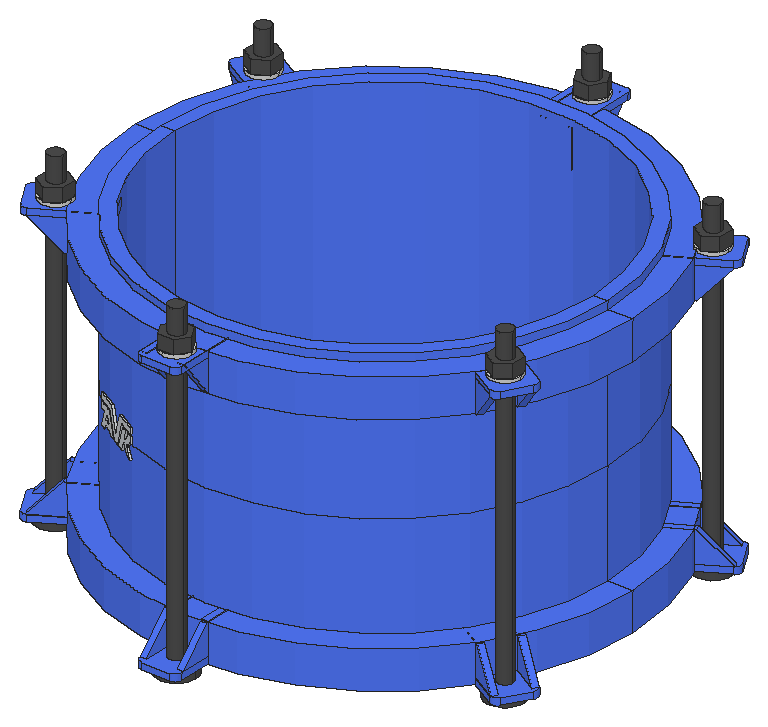
Revit family "601-A-009-DN225-300", category Pipe Accessories, Revit 2019
Family settings
  Round Connector Dimension = Use Diameter
  Part Type = Valve - Breaks Into
  Work Plane-Based = No
  Always vertical = Yes
  Cut with Voids When Loaded = No
  Shared = No
Parameters (values of type "DN300_301-327")
  W2 = (D3 / 2) - 5 mm  # 217.5 mm
  W1 = 32 mm  # constant formula
  URL_product_pages = "https://www.avkvalves.com/P.aspx?no=6013780006100"
  Search_Table = "601-A-009-DN225-300"
  PCD_Ref = PCD + 24 mm  # 429 mm
  PCD = size_lookup(Search_Table, "PCD", 0 mm, DN)  # 405 mm
  L1 = size_lookup(Search_Table, "L1", 0 mm, DN)  # 160 mm
  L = size_lookup(Search_Table, "L", 0 mm, DN)  # 256.5 mm
  ID = DN / 2  # 150 mm
  F = 5 mm  # constant formula
  Description_ = "AVK UNIVERSAL SUPA® STRAIGHT COUPLING"
  DN_ref = size_lookup(Search_Table, "DN2", 0 mm, DN) / 2  # 163.5 mm
  DN300_352-378 = "601-378-000-6100"
  DN300_324-350 = "601-350-000-6100"
  DN300_301-327 = "601-327-000-6100"
  DN250_280-306 = "601-306-000-6100"
  DN250_266-292 = "601-292-000-6100"
  DN225_242-268 = "601-268-000-6100"
  DN2 = size_lookup(Search_Table, "DN2", 0 mm, DN)  # 327 mm
  DN = 300 mm
  D3 = size_lookup(Search_Table, "D3", 0 mm, DN)  # 445 mm
  D2 = size_lookup(Search_Table, "D2", 0 mm, DN)  # 174.5 mm
  D1 = size_lookup(Search_Table, "D1", 0 mm, DN) / 2  # 194 mm
  Body_height_ref = Body_height - 12 mm  # 219 mm
  Body_height = size_lookup(Search_Table, "Body_height", 0 mm, DN)  # 231 mm
  B2 = Body_height / 2  # 115.5 mm
Types (7, lengths in mm): name | W2 | PCD_Ref | PCD | L1 | L | ID | DN_ref | DN2 | DN | D3 | D2 | D1 | Body_height_ref | Body_height | B2
  (no name) | 217.5 | 429 | 405 | 160 | 256.5 | 150 | 163.5 | 327 | 300 | 445 | 174.5 | 194 | 219 | 231 | 115.5
  DN225_242-268 | 188 | 374 | 350 | 140 | 236.5 | 112.5 | 134 | 268 | 225 | 386 | 149.5 | 164.5 | 199 | 211 | 105.5
  DN250_266-292 | 200.5 | 398 | 374 | 160 | 256.5 | 125 | 146 | 292 | 250 | 411 | 160 | 178 | 219 | 231 | 115.5
  DN250_280-306 | 207.5 | 412 | 388 | 160 | 256.5 | 125.05 | 153 | 306 | 250.1 | 425 | 164 | 184 | 219 | 231 | 115.5
  DN300_301-327 | 217.5 | 429 | 405 | 160 | 256.5 | 150 | 163.5 | 327 | 300 | 445 | 174.5 | 194 | 219 | 231 | 115.5
  DN300_324-350 | 229.5 | 452 | 428 | 160 | 256.5 | 150.05 | 175 | 350 | 300.1 | 469 | 186.5 | 205 | 219 | 231 | 115.5
  DN300_352-378 | 229.5 | 452 | 428 | 160 | 276.5 | 150.1 | 189 | 378 | 300.2 | 469 | 195 | 205 | 219 | 231 | 115.5
Reference planes
  plane 1 "Center (Front/Back)": y = 0
  plane 2: z = 0
  plane 3 "Center (Left/Right)": x = 0
  plane 4: y = 222.5
  plane 5: x = -16
  plane 6: x = 16
  plane 7: x = -16
  plane 8: y = -222.5
  plane 9: x = 16
  plane 10: x = -11
  plane 11: y = 217.5
  plane 12: x = 11
  plane 13: y = 217.5
  plane 14: y = -217.5
  plane 15: x = 11
  plane 16: x = -11
  plane 17: y = -217.5
  plane 18: y = -16
  plane 19: y = 16
  plane 20: x = 16
  plane 21: x = -16
  plane 22: x = 202.5
  plane 23: x = -202.5
  plane 24: y = 202.5
  plane 25: y = -202.5
  plane 26: z = 109.5
  plane 27: z = -109.5
  plane 28: z = -115.5
  plane 29: z = 141
  plane 30: z = 98.5
  plane 31: through (0, 0, 1200) normal (-0.5, -0.866, 0)
  plane 32: through (-209.168, 82.71, 1200) normal (-0.866, 0.5, 0)
  plane 33: through (-110.635, 45.4, 1200) normal (0.5, 0.866, 0)
  plane 34: through (-94.635, 73.113, 1200) normal (0.5, 0.866, 0)
  plane 35: through (3.052, -20.237, 1200) normal (0.5, 0.866, 0)
  plane 36: through (174.725, -142.368, 1200) normal (-0.866, 0.5, 0)
  plane 37: through (19.052, 7.475, 1200) normal (0.5, 0.866, 0)
  plane 38: through (-99.475, 44.73, 1200) normal (-0.5, -0.866, 0)
  plane 39: through (-198.827, 90.622, 1200) normal (0.866, -0.5, 0)
  plane 40: through (-88.475, 63.783, 1200) normal (-0.5, -0.866, 0)
  plane 41: through (-177.551, 127.472, 1200) normal (0.866, -0.5, 0)
  plane 42: through (199.17, -90.028, 1200) normal (-0.866, 0.5, 0)
  plane 43: through (102.051, -46.217, 1200) normal (-0.5, -0.866, 0)
  plane 44: through (91.051, -65.27, 1200) normal (-0.5, -0.866, 0)
  plane 45: through (177.894, -126.878, 1200) normal (-0.866, 0.5, 0)
  plane 46: through (209.168, 82.71, 1200) normal (-0.866, -0.5, 0)
  plane 47: through (110.635, 45.4, 1200) normal (0.5, -0.866, 0)
  plane 48: through (94.635, 73.113, 1200) normal (0.5, -0.866, 0)
  plane 49: through (-3.052, -20.237, 1200) normal (0.5, -0.866, 0)
  plane 50: through (-174.725, -142.368, 1200) normal (-0.866, -0.5, 0)
  plane 51: through (-19.052, 7.475, 1200) normal (0.5, -0.866, 0)
  plane 52: through (99.475, 44.73, 1200) normal (-0.5, 0.866, 0)
  plane 53: through (198.827, 90.622, 1200) normal (0.866, 0.5, 0)
  plane 54: through (88.475, 63.783, 1200) normal (-0.5, 0.866, 0)
  plane 55: through (177.551, 127.472, 1200) normal (0.866, 0.5, 0)
  plane 56: through (-199.17, -90.028, 1200) normal (-0.866, -0.5, 0)
  plane 57: through (-102.051, -46.217, 1200) normal (-0.5, 0.866, 0)
  plane 58: through (-91.051, -65.27, 1200) normal (-0.5, 0.866, 0)
  plane 59: through (-177.894, -126.878, 1200) normal (-0.866, -0.5, 0)
  plane 60: through (0, 0, 1200) normal (-0.866, 0.5, 0)
  plane 61: through (0, 0, 1200) normal (-0.866, -0.5, 0)
  plane 62: through (167.143, 96.5, 1200) normal (0.5, -0.866, 0)
  plane 63: z = 112.274
Forms (mm)
  Revolve 1, solid, material "Plastic"
    sketch origin (0, 0, 0) x (1, 0, 0) y (0, 0, 1)
      loop
        line (0, 115.5) -> (0, -115.5) -> (174.5, -115.5) -> (174.5, -109.5) -> (194, -109.5) -> (194, -80) -> (174.5, -80) -> (174.5, 0) -> (174.5, 80) -> (194, 80) -> (194, 109.5) -> (174.5, 109.5) -> (174.5, 115.5) -> (0, 115.5)
      axis (0, -115.5) -> (0, 115.5)
    angle from 0 to 360
  Extrusion 2, solid, material "Plastic"
    sketch origin (0, 0, 0) x (1, 0, 0) y (0, 1, 0)
      loop
        arc (-11, 222.5) -> (-14.536, 221.036) -> (-16, 217.5) r 5
        line (-16, 217.5) -> (-16, -16) -> (-16, -217.5)
        arc (-16, -217.5) -> (-14.536, -221.036) -> (-11, -222.5) r 5
        line (-11, -222.5) -> (11, -222.5)
        arc (11, -222.5) -> (14.536, -221.036) -> (16, -217.5) r 5
        line (16, -217.5) -> (16, -16) -> (16, 217.5)
        arc (16, 217.5) -> (14.536, 221.036) -> (11, 222.5) r 5
        line (11, 222.5) -> (-11, 222.5)
    from 104.5 to 109.5
  Extrusion 3, solid, material "Plastic"
    sketch origin (0, 0, 0) x (1, 0, 0) y (0, 1, 0)
      loop
        line (16, 16) -> (16, 217.5)
        arc (16, 217.5) -> (14.536, 221.036) -> (11, 222.5) r 5
        line (11, 222.5) -> (-11, 222.5)
        arc (-11, 222.5) -> (-14.536, 221.036) -> (-16, 217.5) r 5
        line (-16, 217.5) -> (-16, 16) -> (-16, -217.5)
        arc (-16, -217.5) -> (-14.536, -221.036) -> (-11, -222.5) r 5
        line (-11, -222.5) -> (11, -222.5)
        arc (11, -222.5) -> (14.536, -221.036) -> (16, -217.5) r 5
        line (16, -217.5) -> (16, 16)
    from -109.5 to -104.5
  Extrusion 4, solid, material "Plastic"
    sketch origin (0, 0, 0) x (0, 1, 0) y (0, 0, 1)
      loop
        line (217.5, -104.5) -> (194, -80) -> (-194, -80) -> (-217.5, -104.5) -> (217.5, -104.5)
    from -16 to -11
  Extrusion 5, solid, material "Plastic"
    sketch origin (0, 0, 0) x (0, 1, 0) y (0, 0, 1)
      loop
        line (192, -80) -> (138.856, -80) -> (138.856, -104.5) -> (215.5, -104.5) -> (192, -80)
      loop
        line (-215.5, -104.5) -> (-138.856, -104.5) -> (-138.856, -80) -> (-192, -80) -> (-215.5, -104.5)
    from 11 to 16
  Extrusion 6, solid, material "Plastic"
    sketch origin (0, 0, 0) x (0.5, 0.866025, 0) y (-0.866025, 0.5, 0)
      loop
        arc (-11, 222.5) -> (-14.536, 221.036) -> (-16, 217.5) r 5
        line (-16, 217.5) -> (-16, -41) -> (-16, -217.5)
        arc (-16, -217.5) -> (-14.536, -221.036) -> (-11, -222.5) r 5
        line (-11, -222.5) -> (11, -222.5)
        arc (11, -222.5) -> (14.536, -221.036) -> (16, -217.5) r 5
        line (16, -217.5) -> (16, -41) -> (16, 217.5)
        arc (16, 217.5) -> (14.536, 221.036) -> (11, 222.5) r 5
        line (11, 222.5) -> (-11, 222.5)
    from 104.5 to 109.5
  Extrusion 7, solid, material "Plastic"
    sketch origin (0, 0, 0) x (-0.5, 0.866025, 0) y (-0.866025, -0.5, 0)
      loop
        line (-11, -222.5) -> (11, -222.5)
        arc (11, -222.5) -> (14.536, -221.036) -> (16, -217.5) r 5
        line (16, -217.5) -> (16, 41) -> (16, 217.5)
        arc (16, 217.5) -> (14.536, 221.036) -> (11, 222.5) r 5
        line (11, 222.5) -> (-11, 222.5)
        arc (-11, 222.5) -> (-14.536, 221.036) -> (-16, 217.5) r 5
        line (-16, 217.5) -> (-16, 41) -> (-16, -217.5)
        arc (-16, -217.5) -> (-14.536, -221.036) -> (-11, -222.5) r 5
    from 104.5 to 109.5
  Extrusion 8, solid, material "Plastic"
    sketch origin (0, 0, 0) x (1, 0, 0) y (0, 1, 0)
      loop
        line (0, 18.475) -> (-180.361, 122.606)
        arc (-180.361, 122.606) -> (-184.155, 123.106) -> (-187.191, 120.776) r 5
        line (-187.191, 120.776) -> (-198.191, 101.724)
        arc (-198.191, 101.724) -> (-198.69, 97.93) -> (-196.361, 94.894) r 5
        line (-196.361, 94.894) -> (-32, 0) -> (-196.361, -94.894)
        arc (-196.361, -94.894) -> (-198.69, -97.93) -> (-198.191, -101.724) r 5
        line (-198.191, -101.724) -> (-187.191, -120.776)
        arc (-187.191, -120.776) -> (-184.155, -123.106) -> (-180.361, -122.606) r 5
        line (-180.361, -122.606) -> (0, -18.475) -> (180.361, -122.606)
        arc (180.361, -122.606) -> (184.155, -123.106) -> (187.191, -120.776) r 5
        line (187.191, -120.776) -> (198.191, -101.724)
        arc (198.191, -101.724) -> (198.69, -97.93) -> (196.361, -94.894) r 5
        line (196.361, -94.894) -> (32, 0) -> (196.361, 94.894)
        arc (196.361, 94.894) -> (198.69, 97.93) -> (198.191, 101.724) r 5
        line (198.191, 101.724) -> (187.191, 120.776)
        arc (187.191, 120.776) -> (184.155, 123.106) -> (180.361, 122.606) r 5
        line (180.361, 122.606) -> (0, 18.475)
    from -104.5 to -109.5
  Blend 9, solid, material "Plastic"
    base sketch origin (0, 0, 0) x (1, 0, 0) y (0, 1, 0)
      loop
        line (-197.138, -95.343) -> (-194.638, -99.673) -> (183.638, 118.725) -> (181.138, 123.055) -> (-197.138, -95.343)
    top sketch origin (0, 0, 0) x (1, 0, 0) y (0, 1, 0)
      loop
        line (-177.028, -83.732) -> (-174.528, -88.062) -> (163.528, 107.115) -> (161.028, 111.445) -> (-177.028, -83.732)
    from 104.5 to 80
  Blend 10, solid, material "Plastic"
    base sketch origin (0, 0, 0) x (1, 0, 0) y (0, 1, 0)
      loop
        line (197.138, 95.343) -> (194.638, 99.673) -> (-183.638, -118.725) -> (-181.138, -123.055) -> (197.138, 95.343)
    top sketch origin (0, 0, 0) x (1, 0, 0) y (0, 1, 0)
      loop
        line (-161.028, -111.445) -> (177.028, 83.732) -> (174.858, 88.253) -> (-163.528, -107.115) -> (-161.028, -111.445)
    from 104.5 to 80
  Blend 11, solid, material "Plastic"
    base sketch origin (0, 0, 0) x (-1, 0, 0) y (0, -1, 0)
      loop
        line (-197.138, 95.343) -> (181.138, -123.055) -> (183.638, -118.725) -> (-194.638, 99.673) -> (-197.138, 95.343)
    top sketch origin (0, 0, 0) x (-1, 0, 0) y (0, -1, 0)
      loop
        line (-177.028, 83.732) -> (161.028, -111.445) -> (163.528, -107.115) -> (-174.528, 88.062) -> (-177.028, 83.732)
    from 104.5 to 80
  Blend 12, solid, material "Plastic"
    base sketch origin (0, 0, 0) x (-1, 0, 0) y (0, -1, 0)
      loop
        line (197.138, -95.343) -> (-181.138, 123.055) -> (-183.638, 118.725) -> (194.638, -99.673) -> (197.138, -95.343)
    top sketch origin (0, 0, 0) x (-1, 0, 0) y (0, -1, 0)
      loop
        line (-161.028, 111.445) -> (-163.528, 107.115) -> (174.858, -88.253) -> (177.028, -83.732) -> (-161.028, 111.445)
    from 104.5 to 80
  Blend 13, solid, material "Plastic"
    base sketch origin (0, 0, 0) x (1, 0, 0) y (0, 1, 0)
      loop
        line (181.138, 123.055) -> (-197.138, -95.343) -> (-194.638, -99.673) -> (183.638, 118.725) -> (181.138, 123.055)
    top sketch origin (0, 0, 0) x (1, 0, 0) y (0, 1, 0)
      loop
        line (-177.028, -83.732) -> (-174.528, -88.062) -> (163.528, 107.115) -> (161.028, 111.445) -> (-177.028, -83.732)
    from -104.5 to -80
  Blend 14, solid, material "Plastic"
    base sketch origin (0, 0, 0) x (1, 0, 0) y (0, 1, 0)
      loop
        line (-181.138, -123.055) -> (197.138, 95.343) -> (194.638, 99.673) -> (-183.638, -118.725) -> (-181.138, -123.055)
    top sketch origin (0, 0, 0) x (1, 0, 0) y (0, 1, 0)
      loop
        line (-161.028, -111.445) -> (177.028, 83.732) -> (174.858, 88.253) -> (-163.528, -107.115) -> (-161.028, -111.445)
    from -104.5 to -80
  Blend 15, solid, material "Plastic"
    base sketch origin (0, 0, 0) x (1, 0, 0) y (0, 1, 0)
      loop
        line (-181.138, 123.055) -> (-183.638, 118.725) -> (194.638, -99.673) -> (197.138, -95.343) -> (-181.138, 123.055)
    top sketch origin (0, 0, 0) x (1, 0, 0) y (0, 1, 0)
      loop
        line (-163.528, 107.115) -> (174.528, -88.062) -> (177.028, -83.732) -> (-161.028, 111.445) -> (-163.528, 107.115)
    from -104.5 to -80
  Blend 16, solid, material "Plastic"
    base sketch origin (0, 0, 0) x (1, 0, 0) y (0, 1, 0)
      loop
        line (-194.638, 99.673) -> (-197.138, 95.343) -> (181.138, -123.055) -> (183.638, -118.725) -> (-194.638, 99.673)
    top sketch origin (0, 0, 0) x (1, 0, 0) y (0, 1, 0)
      loop
        line (-174.858, 88.253) -> (-177.028, 83.732) -> (161.028, -111.445) -> (163.528, -107.115) -> (-174.858, 88.253)
    from -104.5 to -80
  Extrusion 17, solid, material "Stainless Steel AISI 304"
    sketch origin (0, 0, 0) x (1, 0, 0) y (0, 1, 0)
      loop
        circle (175.37, 101.25) r 6
      loop
        circle (-175.37, -101.25) r 6
      loop
        circle (-175.37, 101.25) r 6
      loop
        circle (175.37, -101.25) r 6
      loop
        circle (0, 202.5) r 6
      loop
        circle (0, -202.5) r 6
    from -104.5 to 141
  Extrusion 18, solid, material "Stainless Steel AISI 304(1)"
    sketch origin (0, 0, 0) x (1, 0, 0) y (0, 1, 0)
      loop
        circle (175.37, 101.25) r 12
      loop
        circle (-175.37, -101.25) r 12
      loop
        circle (-175.37, 101.25) r 12
      loop
        circle (175.37, -101.25) r 12
      loop
        circle (0, 202.5) r 12
      loop
        circle (0, -202.5) r 12
    from 109.5 to 111.822
  Extrusion 19, solid, material "Stainless Steel AISI 304"
    sketch origin (0, 0, 0) x (1, 0, 0) y (0, 1, 0)
      loop
        line (12, 202.5) -> (6, 212.892) -> (-6, 212.892) -> (-12, 202.5) -> (-6, 192.108) -> (6, 192.108) -> (12, 202.5)
      loop
        line (175.37, -113.25) -> (185.762, -107.25) -> (185.762, -95.25) -> (175.37, -89.25) -> (164.978, -95.25) -> (164.978, -107.25) -> (175.37, -113.25)
      loop
        line (12, -202.5) -> (6, -192.108) -> (-6, -192.108) -> (-12, -202.5) -> (-6, -212.892) -> (6, -212.892) -> (12, -202.5)
      loop
        line (-175.37, 113.25) -> (-185.762, 107.25) -> (-185.762, 95.25) -> (-175.37, 89.25) -> (-164.978, 95.25) -> (-164.978, 107.25) -> (-175.37, 113.25)
      loop
        line (-175.37, -113.25) -> (-164.978, -107.25) -> (-164.978, -95.25) -> (-175.37, -89.25) -> (-185.762, -95.25) -> (-185.762, -107.25) -> (-175.37, -113.25)
      loop
        line (175.37, 113.25) -> (164.978, 107.25) -> (164.978, 95.25) -> (175.37, 89.25) -> (185.762, 95.25) -> (185.762, 107.25) -> (175.37, 113.25)
    from 111.822 to 122.274
  Extrusion 20, solid, material "Stainless Steel AISI 304"
    sketch origin (0, 0, 0) x (1, 0, 0) y (0, 1, 0)
      loop
        circle (0, 202.5) r 15
      loop
        circle (175.37, 101.25) r 15
      loop
        circle (-175.37, 101.25) r 15
      loop
        circle (175.37, -101.25) r 15
      loop
        circle (-175.37, -101.25) r 15
      loop
        circle (0, -202.5) r 15
    from -109.5 to -115.5
  Blend 21, solid, material "Plastic"
    base sketch origin (0, 0, 0) x (1, 0, 0) y (0, 1, 0)
      loop
        line (-16, 218) -> (-16, -218) -> (-11, -218) -> (-11, 218) -> (-16, 218)
    top sketch origin (0, 0, 0) x (1, 0, 0) y (0, 1, 0)
      loop
        line (-16, 193.5) -> (-16, -193.5) -> (-11, -193.5) -> (-11, 193.5) -> (-16, 193.5)
    from 109.5 to 80
  Blend 22, solid, material "Plastic"
    base sketch origin (0, 0, 0) x (1, 0, 0) y (0, 1, 0)
      loop
        line (11, 215.5) -> (11, -215.5) -> (16, -215.5) -> (16, 215.5) -> (11, 215.5)
    top sketch origin (0, 0, 0) x (1, 0, 0) y (0, 1, 0)
      loop
        line (11, 192) -> (11, -192) -> (16, -192) -> (16, 192) -> (11, 192)
    from 109.5 to 80
  Revolve 23, void
    sketch origin (0, 0, 0) x (1, 0, 0) y (0, 0, 1)
      loop
        line (0, 115.5) -> (0, -115.5) -> (163.5, -115.5) -> (163.5, 115.5) -> (0, 115.5)
      axis (0, -115.5) -> (0, 115.5)
    angle from 0 to 360
Cuts and joins
  Revolve 23 cuts Revolve 1
  Revolve 23 cuts Extrusion 2
  Revolve 23 cuts Extrusion 3
  Revolve 23 cuts Extrusion 4
  Revolve 23 cuts Extrusion 5
  Revolve 23 cuts Extrusion 6
  Revolve 23 cuts Extrusion 7
  Revolve 23 cuts Extrusion 8
  Revolve 23 cuts Blend 9
  Revolve 23 cuts Blend 10
  Revolve 23 cuts Blend 11
  Revolve 23 cuts Blend 12
  Revolve 23 cuts Blend 13
  Revolve 23 cuts Blend 14
  Revolve 23 cuts Blend 15
  Revolve 23 cuts Blend 16
  Revolve 23 cuts Blend 21
  Revolve 23 cuts Blend 22
Dimensions and locks
  "L1": Revolve 1 sketch curve to Revolve 1 sketch curve
  equal spacing: Revolve 1 sketch curve, level, Revolve 1 sketch curve  (x2)
  "D1": Revolve 1 sketch curve to plane 3 "Center (Left/Right)"
  "D2": Revolve 1 sketch curve to Revolve 1 sketch curve
  locked: plane 12 to plane 6 at 5
  locked: plane 4 to plane 13 at 5
  locked: plane 5 to plane 10 at 5
  locked: plane 4 to plane 11 at 5
  locked: plane 17 to plane 8 at 5
  locked: plane 14 to plane 8 at 5
  locked: plane 7 to plane 16 at 5
  locked: plane 15 to plane 9 at 5
  equal spacing: plane 5, plane 3 "Center (Left/Right)", plane 6
  equal spacing: plane 7, plane 3 "Center (Left/Right)", plane 9
  "W1": plane 5 to plane 6
  "W1": plane 7 to plane 9
  equal spacing: plane 4, plane 1 "Center (Front/Back)", plane 8
  "D3": plane 4 to plane 8
  equal spacing: plane 22, plane 3 "Center (Left/Right)", plane 23
  "PCD": plane 22 to plane 23
  equal spacing: plane 24, plane 1 "Center (Front/Back)", plane 25
  "PCD": plane 24 to plane 25
  locked: Revolve 1 sketch curve to Revolve 1 sketch curve at 6  (x2)
  "Body_height": Revolve 1 sketch curve to Revolve 1 sketch curve
  equal spacing: plane 26, level, plane 27
  "Body_height_ref": plane 26 to plane 27
  "F": Extrusion 3 to plane 27
  "F": plane 26 to Extrusion 2
  equal spacing: Extrusion 4 sketch curve, plane 1 "Center (Front/Back)", Extrusion 4 sketch curve  (x2)
  "W2": plane 1 "Center (Front/Back)" to Extrusion 4 sketch curve
  "D1": plane 1 "Center (Front/Back)" to Extrusion 4 sketch curve
  "F": Extrusion 4 to plane 21
  "B2": level to plane 28
  "L": plane 29 to plane 28
  "F": plane 20 to Extrusion 5
  locked: plane 40 to plane 34 at 5
  locked: plane 32 to plane 41 at 5
  locked: plane 33 to plane 38 at 5
  locked: plane 32 to plane 39 at 5
  locked: plane 45 to plane 36 at 5
  locked: plane 42 to plane 36 at 5
  locked: plane 35 to plane 44 at 5
  locked: plane 43 to plane 37 at 5
  plane 33 to plane 34 = 32 mm
  plane 35 to plane 37 = 32 mm
  "W1": plane 33 to plane 34
  "W1": plane 35 to plane 37
  "D3": plane 32 to plane 36
  locked: plane 54 to plane 48 at 5
  locked: plane 46 to plane 55 at 5
  locked: plane 47 to plane 52 at 5
  locked: plane 46 to plane 53 at 5
  locked: plane 59 to plane 50 at 5
  locked: plane 56 to plane 50 at 5
  locked: plane 49 to plane 58 at 5
  locked: plane 57 to plane 51 at 5
  plane 47 to plane 48 = 32 mm
  plane 49 to plane 51 = 32 mm
  "W1": plane 47 to plane 48
  "W1": plane 49 to plane 51
  "D3": plane 46 to plane 50
  equal spacing: plane 32, plane 60, plane 36
  equal spacing: plane 46, plane 61, plane 50
  locked: Extrusion 7 to Blend 9 sketch curve at 5  (x2)
  locked: Extrusion 7 to Blend 10 sketch curve at 5
  locked: Blend 10 sketch curve to Extrusion 7 at 5
  locked: Extrusion 6 to Blend 12 sketch curve at 5  (x2)
  locked: Blend 11 sketch curve to Extrusion 6 at 5  (x2)
  equal spacing: Extrusion 17 sketch curve, plane 61, Extrusion 17 sketch curve
  "PCD": Extrusion 17 sketch curve to Extrusion 17 sketch curve  (x3)
  equal spacing: Extrusion 17 sketch curve, plane 60, Extrusion 17 sketch curve
  equal spacing: Extrusion 17 sketch curve, plane 1 "Center (Front/Back)", Extrusion 17 sketch curve
  equal spacing: Extrusion 18 sketch curve, plane 1 "Center (Front/Back)", Extrusion 18 sketch curve
  "PCD": Extrusion 18 sketch curve to Extrusion 18 sketch curve  (x3)
  equal spacing: Extrusion 18 sketch curve, plane 61, Extrusion 18 sketch curve
  equal spacing: Extrusion 18 sketch curve, plane 60, Extrusion 18 sketch curve
  locked: Extrusion 18 to plane 26 at 2.322
  equal spacing: Extrusion 19 sketch curve, plane 1 "Center (Front/Back)", Extrusion 19 sketch curve
  "PCD": Extrusion 19 sketch curve to Extrusion 19 sketch curve
  locked: Extrusion 19 to Extrusion 18 at 10.452
  equal spacing: Extrusion 19 sketch curve, plane 60, Extrusion 19 sketch curve
  "PCD_Ref": Extrusion 19 sketch curve to Extrusion 19 sketch curve  (x2)
  equal spacing: Extrusion 19 sketch curve, plane 61, Extrusion 19 sketch curve
  equal spacing: Extrusion 20 sketch curve, plane 1 "Center (Front/Back)", Extrusion 20 sketch curve
  "PCD": Extrusion 20 sketch curve to Extrusion 20 sketch curve  (x3)
  equal spacing: Extrusion 20 sketch curve, plane 61, Extrusion 20 sketch curve
  equal spacing: Extrusion 20 sketch curve, plane 60, Extrusion 20 sketch curve
  "DN_ref": Revolve 23 sketch curve to plane 3 "Center (Left/Right)"
  angle plane 3 "Center (Left/Right)" to plane 61 = 30.00°
  angle plane 60 to plane 3 "Center (Left/Right)" = 30.00°
  aligned and locked: level to plane 2
  aligned and locked: Revolve 1 sketch curve to Revolve 1 sketch curve  (x5)
  aligned and locked: Revolve 1 sketch curve to plane 3 "Center (Left/Right)"
  aligned and locked: plane 4 to Extrusion 2 sketch curve  (x2)
  aligned and locked: Extrusion 2 sketch curve to plane 10
  aligned and locked: plane 11 to Extrusion 2 sketch curve
  aligned and locked: plane 5 to Extrusion 2 sketch curve
  aligned and locked: Extrusion 2 sketch curve to plane 12
  aligned and locked: Extrusion 2 sketch curve to plane 13
  aligned and locked: plane 6 to Extrusion 2 sketch curve
  aligned and locked: Extrusion 2 sketch curve to plane 9
  aligned and locked: plane 14 to Extrusion 2 sketch curve
  aligned and locked: plane 8 to Extrusion 2 sketch curve  (x2)
  aligned and locked: plane 15 to Extrusion 2 sketch curve
  aligned and locked: plane 16 to Extrusion 2 sketch curve
  aligned and locked: Extrusion 2 sketch curve to plane 17
  aligned and locked: Extrusion 2 sketch curve to plane 7
  aligned and locked: plane 9 to Extrusion 2 sketch curve
  aligned and locked: Extrusion 2 sketch curve to plane 5
  aligned and locked: Extrusion 2 to Extrusion 3 sketch curve
  aligned and locked: Extrusion 3 sketch curve to Extrusion 2  (x5)
  aligned and locked: Extrusion 2 to plane 26
  aligned and locked: plane 27 to Extrusion 3
  aligned and locked: Extrusion 4 sketch curve to Extrusion 3
  aligned and locked: Extrusion 2 to Extrusion 4
  aligned and locked: Extrusion 5 to plane 20
  aligned and locked: plane 32 to Extrusion 6 sketch curve  (x2)
  aligned and locked: Extrusion 6 sketch curve to plane 38
  aligned and locked: plane 39 to Extrusion 6 sketch curve
  aligned and locked: plane 33 to Extrusion 6 sketch curve
  aligned and locked: Extrusion 6 sketch curve to plane 40
  aligned and locked: Extrusion 6 sketch curve to plane 41
  aligned and locked: plane 34 to Extrusion 6 sketch curve
  aligned and locked: Extrusion 6 sketch curve to plane 37
  aligned and locked: plane 42 to Extrusion 6 sketch curve
  aligned and locked: plane 36 to Extrusion 6 sketch curve  (x2)
  aligned and locked: plane 43 to Extrusion 6 sketch curve
  aligned and locked: plane 44 to Extrusion 6 sketch curve
  aligned and locked: Extrusion 6 sketch curve to plane 45
  aligned and locked: Extrusion 6 sketch curve to plane 35
  aligned and locked: plane 37 to Extrusion 6 sketch curve
  aligned and locked: Extrusion 6 sketch curve to plane 33
  aligned and locked: Extrusion 7 sketch curve to plane 46  (x2)
  aligned and locked: Extrusion 7 sketch curve to plane 52
  aligned and locked: plane 53 to Extrusion 7 sketch curve
  aligned and locked: plane 47 to Extrusion 7 sketch curve
  aligned and locked: Extrusion 7 sketch curve to plane 54
  aligned and locked: Extrusion 7 sketch curve to plane 55
  aligned and locked: plane 48 to Extrusion 7 sketch curve
  aligned and locked: Extrusion 7 sketch curve to plane 51  (x2)
  aligned and locked: plane 56 to Extrusion 7 sketch curve
  aligned and locked: Extrusion 7 sketch curve to plane 50  (x2)
  aligned and locked: plane 57 to Extrusion 7 sketch curve
  aligned and locked: plane 58 to Extrusion 7 sketch curve
  aligned and locked: Extrusion 7 sketch curve to plane 59
  aligned and locked: Extrusion 7 sketch curve to plane 49
  aligned and locked: Extrusion 7 sketch curve to plane 47
  aligned and locked: Extrusion 7 to Revolve 1
  aligned and locked: Extrusion 7 to Extrusion 2
  aligned and locked: Extrusion 6 to Revolve 1
  aligned and locked: Extrusion 6 to Extrusion 2
  aligned and locked: Extrusion 8 sketch curve to Extrusion 6  (x6)
  aligned and locked: Extrusion 8 sketch curve to Extrusion 7  (x5)
  aligned and locked: Extrusion 7 to Extrusion 8 sketch curve
  aligned and locked: Extrusion 8 to Revolve 1
  aligned and locked: Extrusion 8 to Extrusion 3
  aligned and locked: Blend 9 sketch curve to Extrusion 7  (x2)
  aligned and locked: Blend 9 to Extrusion 2
  aligned and locked: Blend 9 to Revolve 1
  aligned and locked: Blend 10 sketch curve to Extrusion 7
  aligned and locked: Extrusion 7 to Blend 10 sketch curve
  aligned and locked: Revolve 1 to Blend 10
  aligned and locked: Blend 10 to Extrusion 2
  aligned and locked: Blend 12 sketch curve to Extrusion 6  (x2)
  aligned and locked: Blend 11 sketch curve to Extrusion 6  (x2)
  aligned and locked: Blend 13 sketch curve to Extrusion 7  (x2)
  aligned and locked: Blend 13 sketch curve to Blend 9  (x2)
  aligned and locked: Blend 13 to Revolve 1
  aligned and locked: Blend 13 to Extrusion 3
  aligned and locked: Blend 14 sketch curve to Extrusion 7
  aligned and locked: Blend 14 sketch curve to Blend 10
  aligned and locked: Extrusion 7 to Blend 14 sketch curve
  aligned and locked: Blend 10 to Blend 14 sketch curve
  aligned and locked: Blend 14 to Extrusion 3
  aligned and locked: Revolve 1 to Blend 14
  aligned and locked: Blend 11 to Extrusion 2
  aligned and locked: Blend 12 to Extrusion 2
  aligned and locked: Blend 15 sketch curve to Extrusion 6  (x2)
  aligned and locked: Blend 15 sketch curve to Blend 11  (x2)
  aligned and locked: Blend 15 to Extrusion 3
  aligned and locked: Blend 15 to Revolve 1
  aligned and locked: Blend 16 sketch curve to Extrusion 6
  aligned and locked: Blend 16 sketch curve to Blend 12
  aligned and locked: Extrusion 6 to Blend 16 sketch curve
  aligned and locked: Blend 12 to Blend 16 sketch curve
  aligned and locked: Blend 16 to Extrusion 3
  aligned and locked: Blend 16 to Revolve 1
  aligned and locked: Extrusion 17 to Extrusion 3
  aligned and locked: plane 29 to Extrusion 17
  aligned and locked: Extrusion 18 to Extrusion 7
  aligned and locked: Extrusion 19 to Extrusion 18
  aligned and locked: Blend 12 to Revolve 1
  aligned and locked: Blend 11 to Revolve 1
  aligned and locked: Extrusion 20 to Extrusion 8
  aligned and locked: Extrusion 20 to Revolve 1
  aligned and locked: var sketch to Blend 21 sketch curve
  aligned and locked: plane 3 "Center (Left/Right)" to Revolve 23 sketch curve
  aligned and locked: Revolve 23 sketch curve to Extrusion 20
  aligned and locked: Revolve 23 sketch curve to Revolve 23 sketch curve
  aligned and locked: Blend 21 to Extrusion 18
  aligned and locked: Blend 21 to cut or joined group of Revolve 1, Revolve 23
  aligned and locked: Blend 22 to Extrusion 18
  aligned and locked: Blend 22 to cut or joined group of Revolve 1, Revolve 23
Automatic sketch dimensions
  plane 19 to Extrusion 3 sketch curve = 0 mm  (x2)
  Extrusion 5 sketch curve to plane 27 = 5 mm  (x2)
  plane 25 to Extrusion 5 sketch curve = 13 mm
  Extrusion 5 sketch curve to plane 25 = 10.5 mm
  Extrusion 5 sketch curve to Extrusion 5 sketch curve = 53.144 mm
  Extrusion 5 sketch curve to plane 27 = 29.5 mm  (x2)
  plane 24 to Extrusion 5 sketch curve = 63.644 mm
  plane 24 to Extrusion 5 sketch curve = 10.5 mm
  Extrusion 5 sketch curve to plane 24 = 13 mm
  Extrusion 8 sketch curve to plane 3 "Center (Left/Right)" = 0 mm  (x2)
  Extrusion 8 sketch curve to Extrusion 8 sketch curve = 2.5 mm  (x8)
  Extrusion 8 sketch curve to Extrusion 8 sketch curve = 4.33 mm  (x8)
  plane 18 to Extrusion 8 sketch curve = 2.475 mm
  Extrusion 8 sketch curve to plane 19 = 2.475 mm
  plane 23 to Blend 9 sketch curve = 5.362 mm
  Blend 9 sketch curve to plane 22 = 21.362 mm
  plane 23 to Blend 9 sketch curve = 25.472 mm
  Blend 9 sketch curve to plane 22 = 41.472 mm
  plane 23 to Blend 10 sketch curve = 18.862 mm
  Blend 10 sketch curve to plane 22 = 7.862 mm
  plane 23 to Blend 10 sketch curve = 38.972 mm
  Blend 10 sketch curve to Blend 10 sketch curve = 2.5 mm
  Blend 10 sketch curve to plane 22 = 27.642 mm
  Blend 10 sketch curve to Blend 10 sketch curve = 2.171 mm
  plane 22 to Blend 11 sketch curve = 5.362 mm
  Blend 11 sketch curve to plane 23 = 21.362 mm
  plane 22 to Blend 11 sketch curve = 25.472 mm
  Blend 11 sketch curve to plane 23 = 41.472 mm
  plane 22 to Blend 12 sketch curve = 18.862 mm
  Blend 12 sketch curve to plane 23 = 7.862 mm
  plane 22 to Blend 12 sketch curve = 38.972 mm
  Blend 12 sketch curve to Blend 12 sketch curve = 2.5 mm
  Blend 12 sketch curve to plane 23 = 27.642 mm
  Blend 12 sketch curve to Blend 12 sketch curve = 2.171 mm
  plane 23 to Blend 13 sketch curve = 5.362 mm
  Blend 13 sketch curve to plane 22 = 21.362 mm
  plane 23 to Blend 13 sketch curve = 25.472 mm
  Blend 13 sketch curve to plane 22 = 41.472 mm
  plane 23 to Blend 14 sketch curve = 18.862 mm
  Blend 14 sketch curve to plane 22 = 7.862 mm
  plane 23 to Blend 14 sketch curve = 38.972 mm
  Blend 14 sketch curve to Blend 14 sketch curve = 2.5 mm
  Blend 14 sketch curve to plane 22 = 27.642 mm
  Blend 14 sketch curve to Blend 14 sketch curve = 2.171 mm
  plane 23 to Blend 15 sketch curve = 18.862 mm
  Blend 15 sketch curve to plane 22 = 7.862 mm
  plane 23 to Blend 15 sketch curve = 38.972 mm
  Blend 15 sketch curve to plane 22 = 27.972 mm
  plane 23 to Blend 16 sketch curve = 5.362 mm
  Blend 16 sketch curve to plane 22 = 21.362 mm
  plane 23 to Blend 16 sketch curve = 25.472 mm
  Blend 16 sketch curve to Blend 16 sketch curve = 2.171 mm
  Blend 16 sketch curve to plane 22 = 41.472 mm
  Blend 21 sketch curve to plane 21 = 0 mm  (x2)
  Blend 21 sketch curve to Blend 21 sketch curve = 5 mm
  plane 25 to Blend 21 sketch curve = 15.5 mm
  Blend 21 sketch curve to plane 24 = 15.5 mm
  Blend 21 sketch curve to plane 25 = 9 mm
  plane 24 to Blend 21 sketch curve = 9 mm
  Blend 22 sketch curve to plane 20 = 0 mm  (x2)
  Blend 22 sketch curve to plane 20 = 5 mm  (x2)
  plane 25 to Blend 22 sketch curve = 13 mm
  Blend 22 sketch curve to plane 24 = 13 mm
  Blend 22 sketch curve to plane 25 = 10.5 mm
  plane 24 to Blend 22 sketch curve = 10.5 mm
  Revolve 1 sketch curve to level = 0 mm
  Revolve 1 sketch curve to level = 22 mm
  level to Revolve 1 sketch curve = 38 mm
  plane 18 to Extrusion 2 sketch curve = 0 mm  (x2)
  Extrusion 4 sketch curve to plane 27 = 29.5 mm
  Extrusion 6 sketch curve to plane 60 = 41 mm
  Extrusion 6 sketch curve to Extrusion 6 sketch curve = 0 mm
  plane 61 to Extrusion 7 sketch curve = 41 mm
  Extrusion 7 sketch curve to Extrusion 7 sketch curve = 0 mm
  Extrusion 17 sketch curve to plane 62 = 0 mm
  plane 31 to Extrusion 17 sketch curve = 0 mm  (x2)
  Extrusion 17 sketch curve to plane 3 "Center (Left/Right)" = 0 mm  (x2)
  plane 62 to Extrusion 17 sketch curve = 0 mm
  Extrusion 18 sketch curve to plane 62 = 0 mm
  plane 31 to Extrusion 18 sketch curve = 0 mm  (x2)
  Extrusion 18 sketch curve to plane 3 "Center (Left/Right)" = 0 mm  (x2)
  plane 62 to Extrusion 18 sketch curve = 0 mm
  plane 31 to Extrusion 19 sketch curve = 0 mm  (x4)
  Extrusion 19 sketch curve to plane 62 = 0 mm  (x2)
  plane 25 to Extrusion 19 sketch curve = 0 mm
  plane 24 to Extrusion 19 sketch curve = 0 mm
  plane 62 to Extrusion 19 sketch curve = 0 mm  (x2)
  Extrusion 19 sketch curve to Extrusion 19 sketch curve = 10.392 mm  (x10)
  plane 21 to Extrusion 19 sketch curve = 4 mm  (x2)
  Extrusion 19 sketch curve to plane 3 "Center (Left/Right)" = 6 mm  (x4)
  plane 3 "Center (Left/Right)" to Extrusion 19 sketch curve = 6 mm  (x4)
  Extrusion 19 sketch curve to plane 20 = 4 mm  (x2)
  Extrusion 19 sketch curve to Extrusion 19 sketch curve = 20.785 mm  (x2)
  plane 25 to Extrusion 19 sketch curve = 10.392 mm
  Extrusion 19 sketch curve to plane 25 = 10.392 mm
  Extrusion 19 sketch curve to Extrusion 19 sketch curve = 6 mm  (x10)
  Extrusion 19 sketch curve to Extrusion 19 sketch curve = 12 mm  (x6)
  plane 24 to Extrusion 19 sketch curve = 10.392 mm
  Extrusion 19 sketch curve to plane 24 = 10.392 mm
  plane 31 to Extrusion 20 sketch curve = 0 mm  (x2)
  Extrusion 20 sketch curve to plane 62 = 0 mm
  Extrusion 20 sketch curve to plane 3 "Center (Left/Right)" = 0 mm  (x2)
  plane 62 to Extrusion 20 sketch curve = 0 mm
  Revolve 23 sketch curve to plane 63 = 3.226 mm
  Revolve 23 sketch curve to level = 10.5 mm
  level to Revolve 23 sketch curve = 44.5 mm
  radius of Extrusion 17 sketch curve = 6 mm  (x6)
  radius of Extrusion 18 sketch curve = 12 mm  (x6)
  radius of Extrusion 20 sketch curve = 15 mm  (x6)
Nested families
  nested 1: "LOGO - Copy - Copy - Copy - Copy" at (-86.881, -151.334, -20) x (0.8672, -0.4979, 0) z (-0.4979, -0.8672, 0), type "LOGO - Copy - Copy - Copy - Copy"
Connectors
  piping at (0, 0, 115.5), diameter 327, driven by "DN2"
    settings: on Revolve 1, index 1, connector inside diameter 609.6 mm, connector length 0 mm, flow factor 0, pipe flow 0.0 L/s, pressure drop 0.0 Pa, fitting loss kfactor 0, connector angle 0.00°, fixture units 0, engagement length 0 mm, angle of deflection 0.00°, flow configuration 0, flow direction 0, fitting loss method 0, system type 19, joint type 0, gender type 0, connector reference index -1, connector utility 0, adjustable connector no, is connector primary yes, connector description ""
  piping at (0, 0, -115.5), diameter 327, driven by "DN2"
    settings: on Revolve 1, index 2, connector inside diameter 609.6 mm, connector length 0 mm, flow factor 0, pipe flow 0.0 L/s, pressure drop 0.0 Pa, fitting loss kfactor 0, connector angle 0.00°, fixture units 0, engagement length 0 mm, angle of deflection 0.00°, flow configuration 0, flow direction 0, fitting loss method 0, system type 19, joint type 0, gender type 0, connector reference index -1, connector utility 0, adjustable connector no, is connector primary no, connector description ""
Definition of nested family "LOGO - Copy - Copy - Copy - Copy"
  Parameters (values of type "LOGO - Copy - Copy - Copy - Copy")
    Default Elevation = 1219.2 mm
  Reference planes
    plane 1 "Center (Front/Back)": y = 0
    plane 2: z = 0
    plane 3 "Center (Left/Right)": x = 0
  Forms (mm)
    Extrusion 1, solid
      sketch origin (0, 0, 0) x (1, 0, 0) y (0, 1, 0)
        loop
          line (-1219.2, 1219.2) -> (-1219.2, -1219.2) -> (1219.2, -1219.2) -> (1219.2, 1219.2) -> (-1219.2, 1219.2)
      from 0 to -304.8
    Extrusion 2, solid
      sketch origin (0, 0, 0) x (1, 0, 0) y (0, 1, 0)
        loop
          line (-6.514, 34.224) -> (-24, 34.224) -> (-24, 29.481) -> (-9.766, 29.481) -> (-2.391, 11.367) -> (2.391, 11.367) -> (9.766, 29.481) -> (24, 29.481) -> (24, 34.224) -> (6.514, 34.224) -> (0, 18.224) -> (-6.514, 34.224)
        loop
          line (-10.996, 27.653) -> (-24, 27.653) -> (-24, 23.081) -> (-19.503, 23.081) -> (-24, 11.367) -> (-18.92, 11.367) -> (-17.955, 13.881) -> (-10.51, 13.881) -> (-9.486, 11.367) -> (-4.365, 11.367) -> (-10.996, 27.653)
        loop
          line (-16.777, 18.224) -> (-12.278, 18.224) -> (-14.594, 23.912) -> (-16.777, 18.224)
        loop
          line (4.365, 11.367) -> (9.486, 11.367) -> (12.093, 17.77) -> (16.918, 11.367) -> (22.857, 11.367) -> (17.399, 18.61)
          arc (17.399, 18.61) -> (20.583, 20.18) -> (22.629, 23.081) r 7.2
          line (22.629, 23.081) -> (24, 23.081) -> (24, 27.653) -> (19.429, 27.653)
          arc (19.429, 27.653) -> (17.763, 23.526) -> (13.699, 21.714) r 5.943
          line (13.699, 21.714) -> (16.117, 27.653) -> (10.996, 27.653) -> (4.365, 11.367)
      from 0 to 1
  Dimensions and locks
    aligned and locked: plane 2 to Extrusion 1
    aligned and locked: level to Extrusion 1
    aligned and locked: Extrusion 2 sketch curve to import instance
